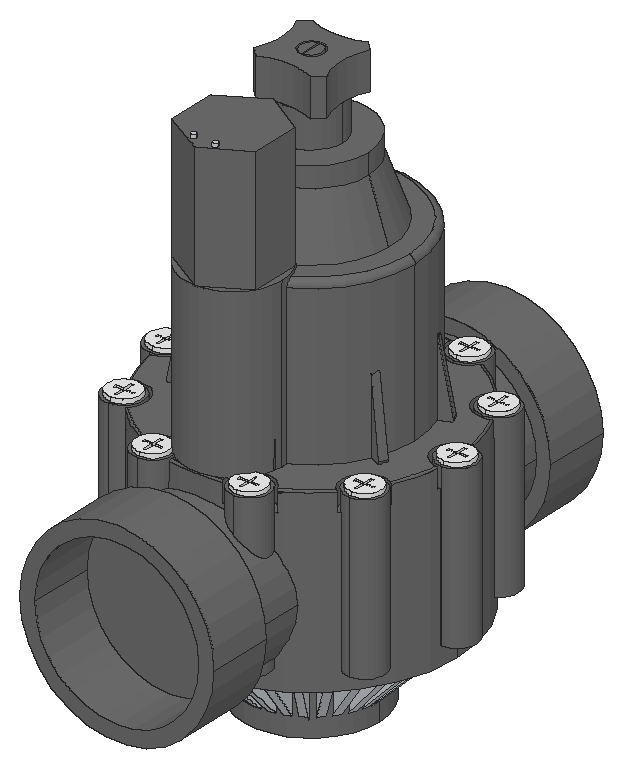
Revit family "Valve - PGA Series - 200PGA", category Acessórios do tubo, Revit 2020
Family settings
  Cota do conector redondo = Utilizar diâmetro
  Tipo de parte = Normal
  Número OmniClass = 23.60.30.11.14
  Título OmniClass = Pipework Fittings
  Com base no plano de trabalho = Não
  Sempre na vertical = Sim
  Corte com vazios quando carregada = Não
  Compartilhado = Não
Parameters (values of type "200-PGA")
  a [instance] = 1.27 cm
  URL = "https://www.rainbird.com/"
  SupportProjetos: Reviw Date = "10/11/2020"  # constant formula
  SupportProjetos: Reviw = "R01"  # constant formula
  SupportProjetos: Level of Detail = "LOD 300"  # constant formula
  SupportProjetos: Developed = "MICHEL SOARES MOTA"  # constant formula
  SupportProjetos: Creation Date = "26/08/2020"  # constant formula
  RainBird: Product Link = "https://www.rainbird.com/"
  RainBird: Description = "Valves - PGA Series - 200PGA"
  RainBird: Comment = ""
  RainBird: Code = "B30510"  # constant formula
  R3 [instance] = 3.81 cm
  R2 [instance] = 3.81 cm
  R1 [instance] = 5.08 cm
  Modelo = "200PGA"
  Material Parafuso = Aço cromado
  Material = PVC-U
  Elevação padrão = 0 cm
  Diametro corpo [instance] = 9 cm
  Diametro Tubo = 5.08 cm
  Det1 [instance] = 2 cm
  Descrição = RainBird: Description  # "Valves - PGA Series - 200PGA"
  Caminho croqui = 11 cm
  Anotação da Válvula = yes
Types (3, lengths in cm): name | RainBird: Description | Modelo | Descrição
  (no name) | "Valves - PGA Series - 200PGA" | "200PGA" | "Valves - PGA Series - 200PGA"
  200-PGA | "Valves - PGA Series - 200PGA" | "200PGA" | "Valves - PGA Series - 200PGA"
  200-PGA-PRS-D | "Valves - PGA Series - 200PGA-PRS-D" | "200PGA-PRS-D" | "Valves - PGA Series - 200PGA-PRS-D"
Reference planes (cm)
  plane 1 "Centro (Frente/Trás)": y = 0
  plane 2: z = 0
  plane 3 "Centro (Esquerda/Direita)": x = 0
  plane 4: through (0.0044, -0.0161, 120) normal (-0.9239, 0.3827, 0)
  plane 5: through (0.1011, 0.024, 120) normal (-0.3827, -0.9239, 0)
Forms (cm)
  Sweep 1, solid, material "PVC-U" <- "Material"
    path origin (0, 0, 0) x (1, 0, 0) y (0, 1, 0)
      loop
        circle (0, 0) r 4.5
    profile origin (0, 4.5, 0) x (0, -1, 0) y (0, 0, 1)
      loop
        line (0, -2.397) -> (2.3943, -3.1378) -> (2.3943, -5.0031) -> (2.595, -5.0031) -> (2.595, -3.1717) -> (3.2321, -3.1717) -> (3.2321, 9.3751) -> (4.0412, 9.3751) -> (4.0412, 11.7304) -> (3.5353, 11.7304) -> (3.5353, 10.6297) -> (2.7355, 10.6297) -> (2.7355, 10.0098) -> (2.0932, 8.2451) -> (1.5035, 8.2451)
        arc (1.5035, 8.2451) -> (1.3596, 8.1855) -> (1.3, 8.0416) r 0.2035
        line (1.3, 8.0416) -> (1.3, 3.1717) -> (0.0537, 3.1717)
        arc (0.0537, 3.1717) -> (0.0157, 3.156) -> (0, 3.118) r 0.0537
        line (0, 3.118) -> (0, -2.397)
  Extrusion 2, solid, material "PVC-U" <- "Material"
    sketch origin (0, 0, 0) x (0, 1, 0) y (-1, 0, 0)
      loop
        circle (0, 4.5) r 0.5971
      loop
        circle (-2.5824, 3.7228) r 0.5971
      loop
        circle (-4.2494, 1.4934) r 0.5971
      loop
        circle (0, -4.5) r 0.5971
      loop
        circle (-2.5824, -3.7228) r 0.5971
      loop
        circle (-4.2494, -1.4934) r 0.5971
      loop
        circle (2.5824, 3.7228) r 0.5971
      loop
        circle (4.2494, 1.4934) r 0.5971
      loop
        circle (2.5824, -3.7228) r 0.5971
      loop
        circle (4.2494, -1.4934) r 0.5971
    from -1.7848 to 3.1717
  Extrusion 3, void
    sketch origin (0, 20, 0) x (0, 1, 0) y (-1, 0, 0)
      loop
        circle (-24.2494, 1.4934) r 0.6982
      loop
        circle (-22.5824, 3.7228) r 0.6982
      loop
        circle (-20, 4.5) r 0.6982
      loop
        circle (-20, -4.5) r 0.6982
      loop
        circle (-24.2494, -1.4934) r 0.6982
      loop
        circle (-22.5824, -3.7228) r 0.6982
      loop
        circle (-15.7506, 1.4934) r 0.6982
      loop
        circle (-17.4176, 3.7228) r 0.6982
      loop
        circle (-15.7506, -1.4934) r 0.6982
      loop
        circle (-17.4176, -3.7228) r 0.6982
    from 2.5471 to 3.2579
  Extrusion 4, solid, material "Aço cromado" <- "Material Parafuso"
    sketch origin (0, 0, 0) x (0, 1, 0) y (-1, 0, 0)
      loop
        circle (-2.5824, 3.7228) r 0.5
      loop
        line (-2.6263, 3.7497) -> (-2.8869, 3.7497) -> (-2.8869, 3.6657) -> (-2.6263, 3.6657) -> (-2.6263, 3.4045) -> (-2.5481, 3.4045) -> (-2.5481, 3.6657) -> (-2.2903, 3.6657) -> (-2.2903, 3.7497) -> (-2.5481, 3.7497) -> (-2.5481, 3.9912) -> (-2.6263, 3.9912) -> (-2.6263, 3.7497)
      loop
        circle (-4.2494, 1.4934) r 0.5
      loop
        line (-4.2933, 1.5203) -> (-4.5539, 1.5203) -> (-4.5539, 1.4363) -> (-4.2933, 1.4363) -> (-4.2933, 1.1751) -> (-4.2151, 1.1751) -> (-4.2151, 1.4363) -> (-3.9574, 1.4363) -> (-3.9574, 1.5203) -> (-4.2151, 1.5203) -> (-4.2151, 1.7618) -> (-4.2933, 1.7618) -> (-4.2933, 1.5203)
      loop
        circle (0, 4.5) r 0.5
      loop
        line (-0.0439, 4.5268) -> (-0.3045, 4.5268) -> (-0.3045, 4.4429) -> (-0.0439, 4.4429) -> (-0.0439, 4.1817) -> (0.0343, 4.1817) -> (0.0343, 4.4429) -> (0.292, 4.4429) -> (0.292, 4.5268) -> (0.0343, 4.5268) -> (0.0343, 4.7683) -> (-0.0439, 4.7683) -> (-0.0439, 4.5268)
      loop
        circle (0, -4.5) r 0.5
      loop
        line (-0.0439, -4.4732) -> (-0.3045, -4.4732) -> (-0.3045, -4.5571) -> (-0.0439, -4.5571) -> (-0.0439, -4.8183) -> (0.0343, -4.8183) -> (0.0343, -4.5571) -> (0.292, -4.5571) -> (0.292, -4.4732) -> (0.0343, -4.4732) -> (0.0343, -4.2317) -> (-0.0439, -4.2317) -> (-0.0439, -4.4732)
      loop
        circle (-2.5824, -3.7228) r 0.5
      loop
        line (-2.6263, -3.7497) -> (-2.6263, -3.9912) -> (-2.5481, -3.9912) -> (-2.5481, -3.7497) -> (-2.2903, -3.7497) -> (-2.2903, -3.6657) -> (-2.5481, -3.6657) -> (-2.5481, -3.4045) -> (-2.6263, -3.4045) -> (-2.6263, -3.6657) -> (-2.8869, -3.6657) -> (-2.8869, -3.7497) -> (-2.6263, -3.7497)
      loop
        circle (-4.2494, -1.4934) r 0.5
      loop
        line (-4.2933, -1.5203) -> (-4.2933, -1.7618) -> (-4.2151, -1.7618) -> (-4.2151, -1.5203) -> (-3.9574, -1.5203) -> (-3.9574, -1.4363) -> (-4.2151, -1.4363) -> (-4.2151, -1.1751) -> (-4.2933, -1.1751) -> (-4.2933, -1.4363) -> (-4.5539, -1.4363) -> (-4.5539, -1.5203) -> (-4.2933, -1.5203)
      loop
        circle (2.5824, 3.7228) r 0.5
      loop
        line (2.6263, 3.7497) -> (2.6263, 3.9912) -> (2.5481, 3.9912) -> (2.5481, 3.7497) -> (2.2903, 3.7497) -> (2.2903, 3.6657) -> (2.5481, 3.6657) -> (2.5481, 3.4045) -> (2.6263, 3.4045) -> (2.6263, 3.6657) -> (2.8869, 3.6657) -> (2.8869, 3.7497) -> (2.6263, 3.7497)
      loop
        circle (4.2494, 1.4934) r 0.5
      loop
        line (4.2933, 1.5203) -> (4.2933, 1.7618) -> (4.2151, 1.7618) -> (4.2151, 1.5203) -> (3.9574, 1.5203) -> (3.9574, 1.4363) -> (4.2151, 1.4363) -> (4.2151, 1.1751) -> (4.2933, 1.1751) -> (4.2933, 1.4363) -> (4.5539, 1.4363) -> (4.5539, 1.5203) -> (4.2933, 1.5203)
      loop
        circle (2.5824, -3.7228) r 0.5
      loop
        line (2.6263, -3.7497) -> (2.8869, -3.7497) -> (2.8869, -3.6657) -> (2.6263, -3.6657) -> (2.6263, -3.4045) -> (2.5481, -3.4045) -> (2.5481, -3.6657) -> (2.2903, -3.6657) -> (2.2903, -3.7497) -> (2.5481, -3.7497) -> (2.5481, -3.9912) -> (2.6263, -3.9912) -> (2.6263, -3.7497)
      loop
        circle (4.2494, -1.4934) r 0.5
      loop
        line (4.2933, -1.5203) -> (4.5539, -1.5203) -> (4.5539, -1.4363) -> (4.2933, -1.4363) -> (4.2933, -1.1751) -> (4.2151, -1.1751) -> (4.2151, -1.4363) -> (3.9574, -1.4363) -> (3.9574, -1.5203) -> (4.2151, -1.5203) -> (4.2151, -1.7618) -> (4.2933, -1.7618) -> (4.2933, -1.5203)
    from 3.1717 to 3.2923
  Sweep 5, solid, material "PVC-U" <- "Material"
    path origin (0, 0, 0) x (1, 0, 0) y (0, 1, 0)
      loop
        line (0, -5.5) -> (0, 5.5)
    profile origin (0, 0, 0) x (-1, 0, 0) y (0, 0, 1)
      loop
        circle (0, 0) r 2.54
  Sweep 6, solid, material "PVC-U" <- "Material"
    path origin (0, 0, 0) x (1, 0, 0) y (0, 1, 0)
      loop
        line (0, 5.5) -> (0, 7.5)
    profile origin (0, 6.5, 0) x (-1, 0, 0) y (0, 0, 1)
      loop
        circle (0, 0) r 3
      loop
        circle (0, 0) r 2.54
  Sweep 7, solid, material "PVC-U" <- "Material"
    path origin (0, 0, 0) x (1, 0, 0) y (0, 1, 0)
      loop
        line (0, -5.5) -> (0, -7.5)
    profile origin (0, -6.5, 0) x (1, 0, 0) y (0, 0, 1)
      loop
        circle (0, 0) r 2.54
      loop
        circle (0, 0) r 3
  Extrusion 8, solid, material "PVC-U" <- "Material"
    sketch origin (0, 0, 0) x (1, 0, 0) y (0, 1, 0)
      loop
        circle (-1.2684, 1.1319) r 0.5
    from 8.2451 to 9.5639
  Extrusion 9, solid, material "PVC-U" <- "Material"
    sketch origin (0, 0, 0) x (1, 0, 0) y (0, 1, 0)
      loop
        circle (-1.2684, 1.1319) r 0.35
    from 9.5639 to 10.3898
  Extrusion 10, solid, material "PVC-U" <- "Material"
    sketch origin (0, 0, 0) x (1, 0, 0) y (0, 1, 0)
      loop
        circle (-1.2684, 1.1319) r 0.1348
      loop
        line (-1.5709, 1.5211) -> (-1.6659, 1.4261)
        arc (-1.6659, 1.4261) -> (-1.5973, 1.1326) -> (-1.6637, 0.8386) r 0.673
        line (-1.6637, 0.8386) -> (-1.5688, 0.7436)
        arc (-1.5688, 0.7436) -> (-1.2712, 0.8132) -> (-0.9736, 0.7436) r 0.6718
        line (-0.9736, 0.7436) -> (-0.8778, 0.8394)
        arc (-0.8778, 0.8394) -> (-0.9436, 1.1315) -> (-0.8786, 1.4239) r 0.686
        line (-0.8786, 1.4239) -> (-0.9762, 1.5215)
        arc (-0.9762, 1.5215) -> (-1.2735, 1.4534) -> (-1.5709, 1.5211) r 0.6846
    from 10.3898 to 10.6297
  Extrusion 11, solid, material "PVC-U" <- "Material"
    sketch origin (1.2875, -1.1319, 0) x (1, 0, 0) y (0, 1, 0)
      loop
        circle (-1.2684, 1.1319) r 0.3851
      loop
        line (-2.1324, 2.2437) -> (-2.4038, 1.9724)
        arc (-2.4038, 1.9724) -> (-2.2079, 1.134) -> (-2.3976, 0.2941) r 1.9225
        line (-2.3976, 0.2941) -> (-2.1264, 0.0229)
        arc (-2.1264, 0.0229) -> (-1.2763, 0.2215) -> (-0.4262, 0.0229) r 1.9189
        line (-0.4262, 0.0229) -> (-0.1528, 0.2963)
        arc (-0.1528, 0.2963) -> (-0.3407, 1.131) -> (-0.1551, 1.9661) r 1.9594
        line (-0.1551, 1.9661) -> (-0.4338, 2.2448)
        arc (-0.4338, 2.2448) -> (-1.283, 2.0502) -> (-2.1324, 2.2437) r 1.9556
      loop
        arc (-1.3071, 1.4648) -> (-1.6036, 1.1319) -> (-1.3071, 0.799) r 0.3351
        line (-1.3071, 0.799) -> (-1.3071, 1.4648)
      loop
        line (-1.2684, 1.467) -> (-1.2684, 0.7967)
        arc (-1.2684, 0.7967) -> (-0.9581, 1.1319) -> (-1.2684, 1.467) r 0.3361
    from 11.7304 to 12.8881
  Extrusion 12, solid, material "PVC-U" <- "Material"
    sketch origin (0, 0, 0) x (1, 0, 0) y (0, 1, 0)
      loop
        circle (0, 0) r 0.7379
    from 8.3753 to 11.7304
  Extrusion 13, solid, material "PVC-U" <- "Material"
    sketch origin (0, 0, 0) x (1, 0, 0) y (0, 1, 0)
      loop
        circle (0, -3) r 0.6406
    from 1.7812 to 3.1717
  Extrusion 14, solid, material "PVC-U" <- "Material"
    sketch origin (0, 0, 0) x (1, 0, 0) y (0, 1, 0)
      loop
        circle (0, -3) r 1.5
    from 3.1717 to 8.3126
  Extrusion 15, solid, material "PVC-U" <- "Material"
    sketch origin (0, 0, 0) x (1, 0, 0) y (0, 1, 0)
      loop
        line (0, -4.5) -> (1.299, -3.75) -> (1.299, -2.25) -> (0, -1.5) -> (-1.299, -2.25) -> (-1.299, -3.75) -> (0, -4.5)
    from 8.3126 to 12.15
  Extrusion 16, solid, material "PVC-U" <- "Material"
    sketch origin (0, 0, 0) x (1, 0, 0) y (0, 1, 0)
      loop
        arc (1.5, -3) -> (0, -1.5) -> (-1.5, -3) r 1.5
        line (-1.5, -3) -> (1.5, -3)
    from 1.7812 to 3.1717
  Extrusion 17, solid
    sketch origin (0, 0, 0) x (1, 0, 0) y (0, 1, 0)
      loop
        circle (-0.329, -4.1208) r 0.0806
      loop
        circle (0.3553, -4.1386) r 0.0824
    from 12.15 to 12.2333
  Extrusion 18, solid
    sketch origin (0, 0, 0) x (1, 0, 0) y (0, 0, 1)
      loop
        line (1.9181, -3.1958) -> (1.9181, -4.5933) -> (3.9417, -2.5697) -> (1.9181, -3.1958)
    from -0.114 to 0.114
  Extrusion 19, solid
    sketch origin (0, 0, 0) x (0.980785, -0.19509, 0) y (0, 0, 1)
      loop
        line (1.9181, -3.1958) -> (1.9181, -4.5933) -> (3.9417, -2.5697) -> (1.9181, -3.1958)
    from -0.114 to 0.114
  Extrusion 20, solid
    sketch origin (0, 0, 0) x (0.92388, -0.382683, 0) y (0, 0, 1)
      loop
        line (1.9181, -3.1958) -> (1.9181, -4.5933) -> (3.9417, -2.5697) -> (1.9181, -3.1958)
    from -0.114 to 0.114
  Extrusion 21, solid
    sketch origin (0, 0, 0) x (0.83147, -0.55557, 0) y (0, 0, 1)
      loop
        line (1.9181, -3.1958) -> (1.9181, -4.5933) -> (3.9417, -2.5697) -> (1.9181, -3.1958)
    from -0.114 to 0.114
  Extrusion 22, solid
    sketch origin (0, 0, 0) x (0.707107, -0.707107, 0) y (0, 0, 1)
      loop
        line (1.9181, -3.1958) -> (1.9181, -4.5933) -> (3.9417, -2.5697) -> (1.9181, -3.1958)
    from -0.114 to 0.114
  Extrusion 23, solid
    sketch origin (0, 0, 0) x (0.55557, -0.83147, 0) y (0, 0, 1)
      loop
        line (1.9181, -3.1958) -> (1.9181, -4.5933) -> (3.9417, -2.5697) -> (1.9181, -3.1958)
    from -0.114 to 0.114
  Extrusion 24, solid
    sketch origin (0, 0, 0) x (0.382683, -0.92388, 0) y (0, 0, 1)
      loop
        line (1.9181, -3.1958) -> (1.9181, -4.5933) -> (3.9417, -2.5697) -> (1.9181, -3.1958)
    from -0.114 to 0.114
  Extrusion 25, solid
    sketch origin (0, 0, 0) x (0.19509, -0.980785, 0) y (0, 0, 1)
      loop
        line (1.9181, -3.1958) -> (1.9181, -4.5933) -> (3.9417, -2.5697) -> (1.9181, -3.1958)
    from -0.114 to 0.114
  Extrusion 26, solid
    sketch origin (0, 0, 0) x (0, -1, 0) y (0, 0, 1)
      loop
        line (1.9181, -3.1958) -> (1.9181, -4.5933) -> (3.9417, -2.5697) -> (1.9181, -3.1958)
    from -0.114 to 0.114
  Extrusion 27, solid
    sketch origin (0, 0, 0) x (-0.19509, -0.980785, 0) y (0, 0, 1)
      loop
        line (1.9181, -3.1958) -> (1.9181, -4.5933) -> (3.9417, -2.5697) -> (1.9181, -3.1958)
    from -0.114 to 0.114
  Extrusion 28, solid
    sketch origin (0, 0, 0) x (-0.382683, -0.92388, 0) y (0, 0, 1)
      loop
        line (1.9181, -3.1958) -> (1.9181, -4.5933) -> (3.9417, -2.5697) -> (1.9181, -3.1958)
    from -0.114 to 0.114
  Extrusion 29, solid
    sketch origin (0, 0, 0) x (-0.55557, -0.83147, 0) y (0, 0, 1)
      loop
        line (1.9181, -3.1958) -> (1.9181, -4.5933) -> (3.9417, -2.5697) -> (1.9181, -3.1958)
    from -0.114 to 0.114
  Extrusion 30, solid
    sketch origin (0, 0, 0) x (-0.707107, -0.707107, 0) y (0, 0, 1)
      loop
        line (1.9181, -3.1958) -> (1.9181, -4.5933) -> (3.9417, -2.5697) -> (1.9181, -3.1958)
    from -0.114 to 0.114
  Extrusion 31, solid
    sketch origin (0, 0, 0) x (-0.83147, -0.55557, 0) y (0, 0, 1)
      loop
        line (1.9181, -3.1958) -> (1.9181, -4.5933) -> (3.9417, -2.5697) -> (1.9181, -3.1958)
    from -0.114 to 0.114
  Extrusion 32, solid
    sketch origin (0, 0, 0) x (-0.92388, -0.382683, 0) y (0, 0, 1)
      loop
        line (1.9181, -3.1958) -> (1.9181, -4.5933) -> (3.9417, -2.5697) -> (1.9181, -3.1958)
    from -0.114 to 0.114
  Extrusion 33, solid
    sketch origin (0, 0, 0) x (-0.980785, -0.19509, 0) y (0, 0, 1)
      loop
        line (1.9181, -3.1958) -> (1.9181, -4.5933) -> (3.9417, -2.5697) -> (1.9181, -3.1958)
    from -0.114 to 0.114
  Extrusion 34, solid
    sketch origin (0, 0, 0) x (-1, 0, 0) y (0, 0, -1)
      loop
        line (1.9181, 3.1958) -> (3.9417, 2.5697) -> (1.9181, 4.5933) -> (1.9181, 3.1958)
    from -0.114 to 0.114
  Extrusion 35, solid
    sketch origin (0, 0, 0) x (0.980785, 0.19509, 0) y (0, 0, -1)
      loop
        line (1.9181, 3.1958) -> (3.9417, 2.5697) -> (1.9181, 4.5933) -> (1.9181, 3.1958)
    from -0.114 to 0.114
  Extrusion 36, solid
    sketch origin (0, 0, 0) x (0.92388, 0.382683, 0) y (0, 0, -1)
      loop
        line (1.9181, 3.1958) -> (3.9417, 2.5697) -> (1.9181, 4.5933) -> (1.9181, 3.1958)
    from -0.114 to 0.114
  Extrusion 37, solid
    sketch origin (0, 0, 0) x (0.83147, 0.55557, 0) y (0, 0, -1)
      loop
        line (1.9181, 3.1958) -> (3.9417, 2.5697) -> (1.9181, 4.5933) -> (1.9181, 3.1958)
    from -0.114 to 0.114
  Extrusion 38, solid
    sketch origin (0, 0, 0) x (0.707107, 0.707107, 0) y (0, 0, -1)
      loop
        line (1.9181, 3.1958) -> (3.9417, 2.5697) -> (1.9181, 4.5933) -> (1.9181, 3.1958)
    from -0.114 to 0.114
  Extrusion 39, solid
    sketch origin (0, 0, 0) x (0.55557, 0.83147, 0) y (0, 0, -1)
      loop
        line (1.9181, 3.1958) -> (3.9417, 2.5697) -> (1.9181, 4.5933) -> (1.9181, 3.1958)
    from -0.114 to 0.114
  Extrusion 40, solid
    sketch origin (0, 0, 0) x (0.382683, 0.92388, 0) y (0, 0, -1)
      loop
        line (1.9181, 3.1958) -> (3.9417, 2.5697) -> (1.9181, 4.5933) -> (1.9181, 3.1958)
    from -0.114 to 0.114
  Extrusion 41, solid
    sketch origin (0, 0, 0) x (0.19509, 0.980785, 0) y (0, 0, -1)
      loop
        line (1.9181, 3.1958) -> (3.9417, 2.5697) -> (1.9181, 4.5933) -> (1.9181, 3.1958)
    from -0.114 to 0.114
  Extrusion 42, solid
    sketch origin (0, 0, 0) x (0, 1, 0) y (0, 0, -1)
      loop
        line (1.9181, 3.1958) -> (3.9417, 2.5697) -> (1.9181, 4.5933) -> (1.9181, 3.1958)
    from -0.114 to 0.114
  Extrusion 43, solid
    sketch origin (0, 0, 0) x (-0.19509, 0.980785, 0) y (0, 0, -1)
      loop
        line (1.9181, 3.1958) -> (3.9417, 2.5697) -> (1.9181, 4.5933) -> (1.9181, 3.1958)
    from -0.114 to 0.114
  Extrusion 44, solid
    sketch origin (0, 0, 0) x (-0.382683, 0.92388, 0) y (0, 0, -1)
      loop
        line (1.9181, 3.1958) -> (3.9417, 2.5697) -> (1.9181, 4.5933) -> (1.9181, 3.1958)
    from -0.114 to 0.114
  Extrusion 45, solid
    sketch origin (0, 0, 0) x (-0.55557, 0.83147, 0) y (0, 0, -1)
      loop
        line (1.9181, 3.1958) -> (3.9417, 2.5697) -> (1.9181, 4.5933) -> (1.9181, 3.1958)
    from -0.114 to 0.114
  Extrusion 46, solid
    sketch origin (0, 0, 0) x (-0.707107, 0.707107, 0) y (0, 0, -1)
      loop
        line (1.9181, 3.1958) -> (3.9417, 2.5697) -> (1.9181, 4.5933) -> (1.9181, 3.1958)
    from -0.114 to 0.114
  Extrusion 47, solid
    sketch origin (0, 0, 0) x (-0.83147, 0.55557, 0) y (0, 0, -1)
      loop
        line (1.9181, 3.1958) -> (3.9417, 2.5697) -> (1.9181, 4.5933) -> (1.9181, 3.1958)
    from -0.114 to 0.114
  Extrusion 48, solid
    sketch origin (0, 0, 0) x (-0.92388, 0.382683, 0) y (0, 0, -1)
      loop
        line (1.9181, 3.1958) -> (3.9417, 2.5697) -> (1.9181, 4.5933) -> (1.9181, 3.1958)
    from -0.114 to 0.114
  Extrusion 49, solid
    sketch origin (0, 0, 0) x (-0.980785, 0.19509, 0) y (0, 0, -1)
      loop
        line (1.9181, 3.1958) -> (3.9417, 2.5697) -> (1.9181, 4.5933) -> (1.9181, 3.1958)
    from -0.114 to 0.114
  Extrusion 50, solid, material "PVC-U" <- "Material"
    sketch origin (0, 0, 0) x (0.382683, 0.92388, 0) y (0, 0, 1)
      loop
        arc (1.8553, 7.8657) -> (1.8004, 7.8881) -> (1.7645, 7.841) r 0.0488
        line (1.7645, 7.841) -> (1.7645, 7.6545) -> (2.4068, 5.8899) -> (3.1225, 3.1717) -> (3.535, 3.1717)
        arc (3.535, 3.1717) -> (3.591, 3.198) -> (3.6067, 3.2577) r 0.0729
        line (3.6067, 3.2577) -> (3.1729, 5.6256) -> (1.8553, 7.8657)
    from -0.114 to 0.114
  Extrusion 51, solid, material "PVC-U" <- "Material"
    sketch origin (0, 0, 0) x (-0.382683, 0.92388, 0) y (0, 0, -1)
      loop
        line (1.8553, -7.8657) -> (3.1729, -5.6256) -> (3.6067, -3.2577)
        arc (3.6067, -3.2577) -> (3.591, -3.198) -> (3.535, -3.1717) r 0.0729
        line (3.535, -3.1717) -> (3.1225, -3.1717) -> (2.4068, -5.8899) -> (1.7645, -7.6545) -> (1.7645, -7.841)
        arc (1.7645, -7.841) -> (1.8004, -7.8881) -> (1.8553, -7.8657) r 0.0488
    from -0.114 to 0.114
  Extrusion 52, solid, material "PVC-U" <- "Material"
    sketch origin (0, 0, 0) x (0.92388, 0.382683, 0) y (0, 0, -1)
      loop
        line (1.8553, -7.8657) -> (3.1729, -5.6256) -> (3.6067, -3.2577)
        arc (3.6067, -3.2577) -> (3.591, -3.198) -> (3.535, -3.1717) r 0.0729
        line (3.535, -3.1717) -> (3.1225, -3.1717) -> (2.4068, -5.8899) -> (1.7645, -7.6545) -> (1.7645, -7.841)
        arc (1.7645, -7.841) -> (1.8004, -7.8881) -> (1.8553, -7.8657) r 0.0488
    from -0.114 to 0.114
  Extrusion 53, solid, material "PVC-U" <- "Material"
    sketch origin (0, 0, 0) x (-0.92388, 0.382683, 0) y (0, 0, 1)
      loop
        arc (1.8553, 7.8657) -> (1.8004, 7.8881) -> (1.7645, 7.841) r 0.0488
        line (1.7645, 7.841) -> (1.7645, 7.6545) -> (2.4068, 5.8899) -> (3.1225, 3.1717) -> (3.535, 3.1717)
        arc (3.535, 3.1717) -> (3.591, 3.198) -> (3.6067, 3.2577) r 0.0729
        line (3.6067, 3.2577) -> (3.1729, 5.6256) -> (1.8553, 7.8657)
    from -0.114 to 0.114
  Extrusion 54, solid, material "PVC-U" <- "Material"
    sketch origin (0, 0, 0) x (0.382683, -0.92388, 0) y (0, 0, -1)
      loop
        line (1.8553, -7.8657) -> (3.1729, -5.6256) -> (3.6067, -3.2577)
        arc (3.6067, -3.2577) -> (3.591, -3.198) -> (3.535, -3.1717) r 0.0729
        line (3.535, -3.1717) -> (3.1225, -3.1717) -> (2.4068, -5.8899) -> (1.7645, -7.6545) -> (1.7645, -7.841)
        arc (1.7645, -7.841) -> (1.8004, -7.8881) -> (1.8553, -7.8657) r 0.0488
    from -0.114 to 0.114
  Extrusion 55, solid, material "PVC-U" <- "Material"
    sketch origin (0, 0, 0) x (-0.382683, -0.92388, 0) y (0, 0, 1)
      loop
        arc (1.8553, 7.8657) -> (1.8004, 7.8881) -> (1.7645, 7.841) r 0.0488
        line (1.7645, 7.841) -> (1.7645, 7.6545) -> (2.4068, 5.8899) -> (3.1225, 3.1717) -> (3.535, 3.1717)
        arc (3.535, 3.1717) -> (3.591, 3.198) -> (3.6067, 3.2577) r 0.0729
        line (3.6067, 3.2577) -> (3.1729, 5.6256) -> (1.8553, 7.8657)
    from -0.114 to 0.114
  Extrusion 56, solid, material "PVC-U" <- "Material"
    sketch origin (0, 0, 0) x (0.92388, -0.382683, 0) y (0, 0, 1)
      loop
        arc (1.8553, 7.8657) -> (1.8004, 7.8881) -> (1.7645, 7.841) r 0.0488
        line (1.7645, 7.841) -> (1.7645, 7.6545) -> (2.4068, 5.8899) -> (3.1225, 3.1717) -> (3.535, 3.1717)
        arc (3.535, 3.1717) -> (3.591, 3.198) -> (3.6067, 3.2577) r 0.0729
        line (3.6067, 3.2577) -> (3.1729, 5.6256) -> (1.8553, 7.8657)
    from -0.114 to 0.114
  Extrusion 57, solid, material "PVC-U" <- "Material"
    sketch origin (0, 0, 0) x (-0.92388, -0.382683, 0) y (0, 0, -1)
      loop
        line (1.8553, -7.8657) -> (3.1729, -5.6256) -> (3.6067, -3.2577)
        arc (3.6067, -3.2577) -> (3.591, -3.198) -> (3.535, -3.1717) r 0.0729
        line (3.535, -3.1717) -> (3.1225, -3.1717) -> (2.4068, -5.8899) -> (1.7645, -7.6545) -> (1.7645, -7.841)
        arc (1.7645, -7.841) -> (1.8004, -7.8881) -> (1.8553, -7.8657) r 0.0488
    from -0.114 to 0.114
Cuts and joins
  Extrusion 3 cuts Sweep 1
  joined: Extrusion 14, Extrusion 15, Extrusion 16
Lines and regions (cm)
  model lines, visible <- "Anotação da Válvula"
    curve 1: line (0, 0, 0) -> (-32, 0, 0)
Dimensions and locks (cm)
  "Caminho croqui": Sweep 5 sketch curve to Sweep 5 sketch curve
  equal spacing: Sweep 5 sketch curve, plane 1 "Centro (Frente/Trás)", Sweep 5 sketch curve
  "Det1": Sweep 6 sketch curve to Sweep 6 sketch curve
  "Det1": Sweep 7 sketch curve to Sweep 7 sketch curve
  equal spacing: Extrusion 18, plane 1 "Centro (Frente/Trás)", Extrusion 18
  Extrusion 20 to Extrusion 20 = 0.228 cm
  Extrusion 22 to Extrusion 22 = 0.228 cm
  Extrusion 26 to Extrusion 26 = 0.228 cm
  Extrusion 34 to Extrusion 34 = 0.228 cm
  plane 1 "Centro (Frente/Trás)" to Sweep 1 sketch curve = 1.905 cm
  "Diametro corpo": diameter of Sweep 1 sketch curve
  "Diametro Tubo": diameter of Sweep 5 sketch curve
  aligned and locked: level to plane 2
  aligned and locked: Sweep 5 to Sweep 6 sketch curve
  aligned and locked: Sweep 5 to Sweep 7 sketch curve
  aligned and locked: Extrusion 10 to Extrusion 9
  aligned and locked: Extrusion 11 to Extrusion 12
  aligned and locked: Extrusion 14 to Extrusion 13
  aligned and locked: Extrusion 15 to Extrusion 14
  aligned and locked: Extrusion 16 sketch curve to Extrusion 14
  aligned and locked: Extrusion 16 to Extrusion 13  (x2)
  aligned and locked: Extrusion 17 to cut or joined group of Extrusion 14, Extrusion 15, Extrusion 16
Automatic sketch dimensions
  plane 3 "Centro (Esquerda/Direita)" to Extrusion 18 sketch curve = 1.9181 cm
  Extrusion 18 sketch curve to Extrusion 18 sketch curve = 2.0236 cm
  Extrusion 18 sketch curve to level = 4.5933 cm
  Extrusion 18 sketch curve to Extrusion 18 sketch curve = 1.3975 cm
  Extrusion 18 sketch curve to Extrusion 18 sketch curve = 0.6261 cm
  Extrusion 19 sketch curve to Extrusion 19 sketch curve = 2.0236 cm
  Extrusion 19 sketch curve to level = 4.5933 cm
  Extrusion 19 sketch curve to Extrusion 19 sketch curve = 1.3975 cm
  Extrusion 19 sketch curve to Extrusion 19 sketch curve = 0.6261 cm
  Extrusion 20 sketch curve to Extrusion 20 sketch curve = 2.0236 cm
  Extrusion 20 sketch curve to level = 4.5933 cm
  Extrusion 20 sketch curve to Extrusion 20 sketch curve = 1.3975 cm
  Extrusion 20 sketch curve to Extrusion 20 sketch curve = 0.6261 cm
  Extrusion 21 sketch curve to Extrusion 21 sketch curve = 2.0236 cm
  Extrusion 21 sketch curve to level = 4.5933 cm
  Extrusion 21 sketch curve to Extrusion 21 sketch curve = 1.3975 cm
  Extrusion 21 sketch curve to Extrusion 21 sketch curve = 0.6261 cm
  Extrusion 22 sketch curve to Extrusion 22 sketch curve = 2.0236 cm
  Extrusion 22 sketch curve to level = 4.5933 cm
  Extrusion 22 sketch curve to Extrusion 22 sketch curve = 1.3975 cm
  Extrusion 22 sketch curve to Extrusion 22 sketch curve = 0.6261 cm
  Extrusion 23 sketch curve to Extrusion 23 sketch curve = 2.0236 cm
  Extrusion 23 sketch curve to level = 4.5933 cm
  Extrusion 23 sketch curve to Extrusion 23 sketch curve = 1.3975 cm
  Extrusion 23 sketch curve to Extrusion 23 sketch curve = 0.6261 cm
  Extrusion 24 sketch curve to Extrusion 24 sketch curve = 2.0236 cm
  Extrusion 24 sketch curve to level = 4.5933 cm
  Extrusion 24 sketch curve to Extrusion 24 sketch curve = 1.3975 cm
  Extrusion 24 sketch curve to Extrusion 24 sketch curve = 0.6261 cm
  Extrusion 25 sketch curve to Extrusion 25 sketch curve = 2.0236 cm
  Extrusion 25 sketch curve to level = 4.5933 cm
  Extrusion 25 sketch curve to Extrusion 25 sketch curve = 1.3975 cm
  Extrusion 25 sketch curve to Extrusion 25 sketch curve = 0.6261 cm
  Extrusion 27 sketch curve to Extrusion 27 sketch curve = 2.0236 cm
  Extrusion 27 sketch curve to level = 4.5933 cm
  Extrusion 27 sketch curve to Extrusion 27 sketch curve = 1.3975 cm
  Extrusion 27 sketch curve to Extrusion 27 sketch curve = 0.6261 cm
  Extrusion 28 sketch curve to Extrusion 28 sketch curve = 2.0236 cm
  Extrusion 28 sketch curve to level = 4.5933 cm
  Extrusion 28 sketch curve to Extrusion 28 sketch curve = 1.3975 cm
  Extrusion 28 sketch curve to Extrusion 28 sketch curve = 0.6261 cm
  Extrusion 29 sketch curve to Extrusion 29 sketch curve = 2.0236 cm
  Extrusion 29 sketch curve to level = 4.5933 cm
  Extrusion 29 sketch curve to Extrusion 29 sketch curve = 1.3975 cm
  Extrusion 29 sketch curve to Extrusion 29 sketch curve = 0.6261 cm
  Extrusion 30 sketch curve to Extrusion 30 sketch curve = 2.0236 cm
  Extrusion 30 sketch curve to level = 4.5933 cm
  Extrusion 30 sketch curve to Extrusion 30 sketch curve = 1.3975 cm
  Extrusion 30 sketch curve to Extrusion 30 sketch curve = 0.6261 cm
  Extrusion 31 sketch curve to Extrusion 31 sketch curve = 2.0236 cm
  Extrusion 31 sketch curve to level = 4.5933 cm
  Extrusion 31 sketch curve to Extrusion 31 sketch curve = 1.3975 cm
  Extrusion 31 sketch curve to Extrusion 31 sketch curve = 0.6261 cm
  Extrusion 32 sketch curve to Extrusion 32 sketch curve = 2.0236 cm
  Extrusion 32 sketch curve to level = 4.5933 cm
  Extrusion 32 sketch curve to Extrusion 32 sketch curve = 1.3975 cm
  Extrusion 32 sketch curve to Extrusion 32 sketch curve = 0.6261 cm
  Extrusion 33 sketch curve to Extrusion 33 sketch curve = 2.0236 cm
  Extrusion 33 sketch curve to level = 4.5933 cm
  Extrusion 33 sketch curve to Extrusion 33 sketch curve = 1.3975 cm
  Extrusion 33 sketch curve to Extrusion 33 sketch curve = 0.6261 cm
  plane 3 "Centro (Esquerda/Direita)" to Extrusion 34 sketch curve = 1.9181 cm
  Extrusion 34 sketch curve to Extrusion 34 sketch curve = 2.0236 cm
  level to Extrusion 34 sketch curve = 4.5933 cm
  Extrusion 34 sketch curve to Extrusion 34 sketch curve = 1.3975 cm
  Extrusion 34 sketch curve to Extrusion 34 sketch curve = 0.6261 cm
  Extrusion 35 sketch curve to Extrusion 35 sketch curve = 2.0236 cm
  Extrusion 35 sketch curve to level = 2.5697 cm
  Extrusion 35 sketch curve to Extrusion 35 sketch curve = 0.6261 cm
  Extrusion 35 sketch curve to Extrusion 35 sketch curve = 1.3975 cm
  Extrusion 36 sketch curve to Extrusion 36 sketch curve = 2.0236 cm
  Extrusion 36 sketch curve to level = 2.5697 cm
  Extrusion 36 sketch curve to Extrusion 36 sketch curve = 0.6261 cm
  Extrusion 36 sketch curve to Extrusion 36 sketch curve = 1.3975 cm
  Extrusion 37 sketch curve to Extrusion 37 sketch curve = 2.0236 cm
  Extrusion 37 sketch curve to level = 2.5697 cm
  Extrusion 37 sketch curve to Extrusion 37 sketch curve = 0.6261 cm
  Extrusion 37 sketch curve to Extrusion 37 sketch curve = 1.3975 cm
  Extrusion 38 sketch curve to Extrusion 38 sketch curve = 2.0236 cm
  Extrusion 38 sketch curve to level = 2.5697 cm
  Extrusion 38 sketch curve to Extrusion 38 sketch curve = 0.6261 cm
  Extrusion 38 sketch curve to Extrusion 38 sketch curve = 1.3975 cm
  Extrusion 39 sketch curve to Extrusion 39 sketch curve = 2.0236 cm
  Extrusion 39 sketch curve to level = 2.5697 cm
  Extrusion 39 sketch curve to Extrusion 39 sketch curve = 0.6261 cm
  Extrusion 39 sketch curve to Extrusion 39 sketch curve = 1.3975 cm
  Extrusion 40 sketch curve to Extrusion 40 sketch curve = 2.0236 cm
  Extrusion 40 sketch curve to level = 2.5697 cm
  Extrusion 40 sketch curve to Extrusion 40 sketch curve = 0.6261 cm
  Extrusion 40 sketch curve to Extrusion 40 sketch curve = 1.3975 cm
  Extrusion 41 sketch curve to Extrusion 41 sketch curve = 2.0236 cm
  Extrusion 41 sketch curve to level = 2.5697 cm
  Extrusion 41 sketch curve to Extrusion 41 sketch curve = 0.6261 cm
  Extrusion 41 sketch curve to Extrusion 41 sketch curve = 1.3975 cm
  Extrusion 43 sketch curve to Extrusion 43 sketch curve = 2.0236 cm
  Extrusion 43 sketch curve to level = 2.5697 cm
  Extrusion 43 sketch curve to Extrusion 43 sketch curve = 0.6261 cm
  Extrusion 43 sketch curve to Extrusion 43 sketch curve = 1.3975 cm
  Extrusion 44 sketch curve to Extrusion 44 sketch curve = 2.0236 cm
  Extrusion 44 sketch curve to level = 2.5697 cm
  Extrusion 44 sketch curve to Extrusion 44 sketch curve = 0.6261 cm
  Extrusion 44 sketch curve to Extrusion 44 sketch curve = 1.3975 cm
  Extrusion 45 sketch curve to Extrusion 45 sketch curve = 2.0236 cm
  Extrusion 45 sketch curve to level = 2.5697 cm
  Extrusion 45 sketch curve to Extrusion 45 sketch curve = 0.6261 cm
  Extrusion 45 sketch curve to Extrusion 45 sketch curve = 1.3975 cm
  Extrusion 46 sketch curve to Extrusion 46 sketch curve = 2.0236 cm
  Extrusion 46 sketch curve to level = 2.5697 cm
  Extrusion 46 sketch curve to Extrusion 46 sketch curve = 0.6261 cm
  Extrusion 46 sketch curve to Extrusion 46 sketch curve = 1.3975 cm
  Extrusion 47 sketch curve to Extrusion 47 sketch curve = 2.0236 cm
  Extrusion 47 sketch curve to level = 2.5697 cm
  Extrusion 47 sketch curve to Extrusion 47 sketch curve = 0.6261 cm
  Extrusion 47 sketch curve to Extrusion 47 sketch curve = 1.3975 cm
  Extrusion 48 sketch curve to Extrusion 48 sketch curve = 2.0236 cm
  Extrusion 48 sketch curve to level = 2.5697 cm
  Extrusion 48 sketch curve to Extrusion 48 sketch curve = 0.6261 cm
  Extrusion 48 sketch curve to Extrusion 48 sketch curve = 1.3975 cm
  Extrusion 49 sketch curve to Extrusion 49 sketch curve = 2.0236 cm
  Extrusion 49 sketch curve to level = 2.5697 cm
  Extrusion 49 sketch curve to Extrusion 49 sketch curve = 0.6261 cm
  Extrusion 49 sketch curve to Extrusion 49 sketch curve = 1.3975 cm
  Extrusion 50 sketch curve to Extrusion 50 sketch curve = 0.0488 cm
  Extrusion 50 sketch curve to Extrusion 50 sketch curve = 0.042 cm
  Extrusion 50 sketch curve to Extrusion 50 sketch curve = 0.6423 cm
  Extrusion 50 sketch curve to Extrusion 50 sketch curve = 0.7157 cm
  Extrusion 50 sketch curve to Extrusion 50 sketch curve = 0.7661 cm
  Extrusion 50 sketch curve to Extrusion 50 sketch curve = 0.4126 cm
  Extrusion 50 sketch curve to Extrusion 50 sketch curve = 0.0717 cm
  level to Extrusion 50 sketch curve = 3.1717 cm
  Extrusion 50 sketch curve to Extrusion 50 sketch curve = 0.0729 cm
  Extrusion 50 sketch curve to Extrusion 50 sketch curve = 2.3679 cm
  Extrusion 50 sketch curve to Extrusion 50 sketch curve = 0.2642 cm
  Extrusion 50 sketch curve to Extrusion 50 sketch curve = 1.7647 cm
  Extrusion 50 sketch curve to Extrusion 50 sketch curve = 0.1865 cm
  Extrusion 51 sketch curve to Extrusion 51 sketch curve = 0.0488 cm
  Extrusion 51 sketch curve to Extrusion 51 sketch curve = 0.042 cm
  Extrusion 51 sketch curve to Extrusion 51 sketch curve = 0.6423 cm
  Extrusion 51 sketch curve to Extrusion 51 sketch curve = 0.7157 cm
  Extrusion 51 sketch curve to Extrusion 51 sketch curve = 0.7661 cm
  Extrusion 51 sketch curve to Extrusion 51 sketch curve = 0.4126 cm
  Extrusion 51 sketch curve to Extrusion 51 sketch curve = 0.0717 cm
  level to Extrusion 51 sketch curve = 7.8657 cm
  Extrusion 51 sketch curve to Extrusion 51 sketch curve = 0.1865 cm
  Extrusion 51 sketch curve to Extrusion 51 sketch curve = 1.7647 cm
  Extrusion 51 sketch curve to Extrusion 51 sketch curve = 0.2642 cm
  Extrusion 51 sketch curve to Extrusion 51 sketch curve = 2.3679 cm
  Extrusion 51 sketch curve to Extrusion 51 sketch curve = 0.0131 cm
  Extrusion 52 sketch curve to Extrusion 52 sketch curve = 0.0488 cm
  Extrusion 52 sketch curve to Extrusion 52 sketch curve = 0.042 cm
  Extrusion 52 sketch curve to Extrusion 52 sketch curve = 0.6423 cm
  Extrusion 52 sketch curve to Extrusion 52 sketch curve = 0.7157 cm
  Extrusion 52 sketch curve to Extrusion 52 sketch curve = 0.7661 cm
  Extrusion 52 sketch curve to Extrusion 52 sketch curve = 0.4126 cm
  Extrusion 52 sketch curve to Extrusion 52 sketch curve = 0.0717 cm
  level to Extrusion 52 sketch curve = 7.8657 cm
  Extrusion 52 sketch curve to Extrusion 52 sketch curve = 0.1865 cm
  Extrusion 52 sketch curve to Extrusion 52 sketch curve = 1.7647 cm
  Extrusion 52 sketch curve to Extrusion 52 sketch curve = 0.2642 cm
  Extrusion 52 sketch curve to Extrusion 52 sketch curve = 2.3679 cm
  Extrusion 52 sketch curve to Extrusion 52 sketch curve = 0.0131 cm
  Extrusion 53 sketch curve to Extrusion 53 sketch curve = 0.0488 cm
  Extrusion 53 sketch curve to Extrusion 53 sketch curve = 0.042 cm
  Extrusion 53 sketch curve to Extrusion 53 sketch curve = 0.6423 cm
  Extrusion 53 sketch curve to Extrusion 53 sketch curve = 0.7157 cm
  Extrusion 53 sketch curve to Extrusion 53 sketch curve = 0.7661 cm
  Extrusion 53 sketch curve to Extrusion 53 sketch curve = 0.4126 cm
  Extrusion 53 sketch curve to Extrusion 53 sketch curve = 0.0717 cm
  level to Extrusion 53 sketch curve = 3.1717 cm
  Extrusion 53 sketch curve to Extrusion 53 sketch curve = 0.0729 cm
  Extrusion 53 sketch curve to Extrusion 53 sketch curve = 2.3679 cm
  Extrusion 53 sketch curve to Extrusion 53 sketch curve = 0.2642 cm
  Extrusion 53 sketch curve to Extrusion 53 sketch curve = 1.7647 cm
  Extrusion 53 sketch curve to Extrusion 53 sketch curve = 0.1865 cm
  Extrusion 54 sketch curve to Extrusion 54 sketch curve = 0.0488 cm
  Extrusion 54 sketch curve to Extrusion 54 sketch curve = 0.042 cm
  Extrusion 54 sketch curve to Extrusion 54 sketch curve = 0.6423 cm
  Extrusion 54 sketch curve to Extrusion 54 sketch curve = 0.7157 cm
  Extrusion 54 sketch curve to Extrusion 54 sketch curve = 0.7661 cm
  Extrusion 54 sketch curve to Extrusion 54 sketch curve = 0.4126 cm
  Extrusion 54 sketch curve to Extrusion 54 sketch curve = 0.0717 cm
  level to Extrusion 54 sketch curve = 7.8657 cm
  Extrusion 54 sketch curve to Extrusion 54 sketch curve = 0.1865 cm
  Extrusion 54 sketch curve to Extrusion 54 sketch curve = 1.7647 cm
  Extrusion 54 sketch curve to Extrusion 54 sketch curve = 0.2642 cm
  Extrusion 54 sketch curve to Extrusion 54 sketch curve = 2.3679 cm
  Extrusion 54 sketch curve to Extrusion 54 sketch curve = 0.0131 cm
  Extrusion 55 sketch curve to Extrusion 55 sketch curve = 0.0488 cm
  Extrusion 55 sketch curve to Extrusion 55 sketch curve = 0.042 cm
  Extrusion 55 sketch curve to Extrusion 55 sketch curve = 0.6423 cm
  Extrusion 55 sketch curve to Extrusion 55 sketch curve = 0.7157 cm
  Extrusion 55 sketch curve to Extrusion 55 sketch curve = 0.7661 cm
  Extrusion 55 sketch curve to Extrusion 55 sketch curve = 0.4126 cm
  Extrusion 55 sketch curve to Extrusion 55 sketch curve = 0.0717 cm
  level to Extrusion 55 sketch curve = 3.1717 cm
  Extrusion 55 sketch curve to Extrusion 55 sketch curve = 0.0729 cm
  Extrusion 55 sketch curve to Extrusion 55 sketch curve = 2.3679 cm
  Extrusion 55 sketch curve to Extrusion 55 sketch curve = 0.2642 cm
  Extrusion 55 sketch curve to Extrusion 55 sketch curve = 1.7647 cm
  Extrusion 55 sketch curve to Extrusion 55 sketch curve = 0.1865 cm
  Extrusion 56 sketch curve to Extrusion 56 sketch curve = 0.0488 cm
  Extrusion 56 sketch curve to Extrusion 56 sketch curve = 0.042 cm
  Extrusion 56 sketch curve to Extrusion 56 sketch curve = 0.6423 cm
  Extrusion 56 sketch curve to Extrusion 56 sketch curve = 0.7157 cm
  Extrusion 56 sketch curve to Extrusion 56 sketch curve = 0.7661 cm
  Extrusion 56 sketch curve to Extrusion 56 sketch curve = 0.4126 cm
  Extrusion 56 sketch curve to Extrusion 56 sketch curve = 0.0717 cm
  level to Extrusion 56 sketch curve = 3.1717 cm
  Extrusion 56 sketch curve to Extrusion 56 sketch curve = 0.0729 cm
  Extrusion 56 sketch curve to Extrusion 56 sketch curve = 2.3679 cm
  Extrusion 56 sketch curve to Extrusion 56 sketch curve = 0.2642 cm
  Extrusion 56 sketch curve to Extrusion 56 sketch curve = 1.7647 cm
  Extrusion 56 sketch curve to Extrusion 56 sketch curve = 0.1865 cm
  Extrusion 57 sketch curve to Extrusion 57 sketch curve = 0.0488 cm
  Extrusion 57 sketch curve to Extrusion 57 sketch curve = 0.042 cm
  Extrusion 57 sketch curve to Extrusion 57 sketch curve = 0.6423 cm
  Extrusion 57 sketch curve to Extrusion 57 sketch curve = 0.7157 cm
  Extrusion 57 sketch curve to Extrusion 57 sketch curve = 0.7661 cm
  Extrusion 57 sketch curve to Extrusion 57 sketch curve = 0.4126 cm
  Extrusion 57 sketch curve to Extrusion 57 sketch curve = 0.0717 cm
  level to Extrusion 57 sketch curve = 7.8657 cm
  Extrusion 57 sketch curve to Extrusion 57 sketch curve = 0.1865 cm
  Extrusion 57 sketch curve to Extrusion 57 sketch curve = 1.7647 cm
  Extrusion 57 sketch curve to Extrusion 57 sketch curve = 0.2642 cm
  Extrusion 57 sketch curve to Extrusion 57 sketch curve = 2.3679 cm
  Extrusion 57 sketch curve to Extrusion 57 sketch curve = 0.0131 cm
  Sweep 7 sketch curve to Sweep 7 sketch curve = 0 cm  (x2)
  Sweep 7 sketch curve to level = 0 cm
  profile plane to Sweep 7 sketch curve = 0 cm
  Sweep 6 sketch curve to Sweep 6 sketch curve = 0 cm  (x2)
  Sweep 6 sketch curve to level = 0 cm
  Sweep 6 sketch curve to profile plane = 0 cm
  Sweep 1 sketch curve to profile plane = 0 cm
  Sweep 1 sketch curve to Sweep 1 sketch curve = 0.0537 cm
  Sweep 1 sketch curve to profile plane = 1.3 cm
  Sweep 1 sketch curve to Sweep 1 sketch curve = 0.2035 cm
  Sweep 1 sketch curve to Sweep 1 sketch curve = 0.5898 cm
  Sweep 1 sketch curve to Sweep 1 sketch curve = 0.2007 cm
  Sweep 1 sketch curve to Sweep 1 sketch curve = 0.6423 cm
  Sweep 1 sketch curve to Sweep 1 sketch curve = 0.4966 cm
  Sweep 1 sketch curve to Sweep 1 sketch curve = 0.7997 cm
  Sweep 1 sketch curve to Sweep 1 sketch curve = 0.809 cm
  Sweep 1 sketch curve to level = 5.0031 cm
  Sweep 1 sketch curve to Sweep 1 sketch curve = 1.8313 cm
  Sweep 1 sketch curve to Sweep 1 sketch curve = 0.034 cm
  Sweep 1 sketch curve to level = 2.397 cm
  level to Sweep 1 sketch curve = 3.118 cm
  Sweep 1 sketch curve to Sweep 1 sketch curve = 4.8699 cm
  Sweep 1 sketch curve to Sweep 1 sketch curve = 1.13 cm
  Sweep 1 sketch curve to Sweep 1 sketch curve = 0.6347 cm
  Sweep 1 sketch curve to Sweep 1 sketch curve = 0.6199 cm
  Sweep 1 sketch curve to Sweep 1 sketch curve = 1.1007 cm
  Extrusion 8 sketch curve to plane 3 "Centro (Esquerda/Direita)" = 1.2684 cm
  Extrusion 8 sketch curve to plane 1 "Centro (Frente/Trás)" = 1.1319 cm
  Extrusion 9 sketch curve to plane 3 "Centro (Esquerda/Direita)" = 1.2684 cm
  Extrusion 9 sketch curve to plane 1 "Centro (Frente/Trás)" = 1.1319 cm
  Extrusion 10 sketch curve to plane 1 "Centro (Frente/Trás)" = 1.1301 cm
  Extrusion 10 sketch curve to plane 3 "Centro (Esquerda/Direita)" = 2.2704 cm
  Extrusion 10 sketch curve to Extrusion 10 sketch curve = 0.6045 cm
  Extrusion 10 sketch curve to plane 1 "Centro (Frente/Trás)" = 0.8386 cm
  Extrusion 10 sketch curve to Extrusion 10 sketch curve = 0.0022 cm
  Extrusion 10 sketch curve to Extrusion 10 sketch curve = 0.095 cm  (x3)
  Extrusion 10 sketch curve to plane 1 "Centro (Frente/Trás)" = 0.7436 cm  (x2)
  Extrusion 10 sketch curve to Extrusion 10 sketch curve = 0.2969 cm
  Extrusion 10 sketch curve to plane 1 "Centro (Frente/Trás)" = 0.1414 cm
  Extrusion 10 sketch curve to Extrusion 10 sketch curve = 0.2976 cm
  Extrusion 10 sketch curve to Extrusion 10 sketch curve = 0.3004 cm
  Extrusion 10 sketch curve to Extrusion 10 sketch curve = 0.2922 cm
  Extrusion 10 sketch curve to Extrusion 10 sketch curve = 0.0976 cm  (x2)
  Extrusion 10 sketch curve to Extrusion 10 sketch curve = 0.0957 cm  (x2)
  Extrusion 10 sketch curve to plane 3 "Centro (Esquerda/Direita)" = 0.2577 cm
  Extrusion 10 sketch curve to Extrusion 10 sketch curve = 0.3882 cm
  Extrusion 10 sketch curve to Extrusion 10 sketch curve = 0.2931 cm
  Extrusion 11 sketch curve to Extrusion 11 sketch curve = 0 cm  (x2)
  plane 1 "Centro (Frente/Trás)" to Extrusion 11 sketch curve = 0 cm  (x2)
  plane 1 "Centro (Frente/Trás)" to Extrusion 11 sketch curve = 0.005 cm
  Extrusion 11 sketch curve to plane 3 "Centro (Esquerda/Direita)" = 2.843 cm
  Extrusion 11 sketch curve to plane 3 "Centro (Esquerda/Direita)" = 1.1163 cm
  plane 1 "Centro (Frente/Trás)" to Extrusion 11 sketch curve = 0.8377 cm
  Extrusion 11 sketch curve to plane 3 "Centro (Esquerda/Direita)" = 1.1102 cm
  Extrusion 11 sketch curve to Extrusion 11 sketch curve = 0.2714 cm
  Extrusion 11 sketch curve to Extrusion 11 sketch curve = 0.2712 cm
  Extrusion 11 sketch curve to plane 3 "Centro (Esquerda/Direita)" = 0.0197 cm
  Extrusion 11 sketch curve to plane 3 "Centro (Esquerda/Direita)" = 0.0068 cm
  plane 3 "Centro (Esquerda/Direita)" to Extrusion 11 sketch curve = 0.0032 cm
  plane 3 "Centro (Esquerda/Direita)" to Extrusion 11 sketch curve = 0.0112 cm
  plane 3 "Centro (Esquerda/Direita)" to Extrusion 11 sketch curve = 0.019 cm  (x2)
  plane 3 "Centro (Esquerda/Direita)" to Extrusion 11 sketch curve = 0.8537 cm
  plane 3 "Centro (Esquerda/Direita)" to Extrusion 11 sketch curve = 0.8613 cm
  Extrusion 11 sketch curve to Extrusion 11 sketch curve = 0.2787 cm  (x2)
  Extrusion 11 sketch curve to Extrusion 11 sketch curve = 0.2734 cm  (x2)
  Extrusion 11 sketch curve to plane 1 "Centro (Frente/Trás)" = 0.0018 cm
  Extrusion 11 sketch curve to Extrusion 11 sketch curve = 1.7715 cm
  plane 1 "Centro (Frente/Trás)" to Extrusion 11 sketch curve = 1.109 cm
  Extrusion 11 sketch curve to Extrusion 11 sketch curve = 1.7203 cm
  plane 1 "Centro (Frente/Trás)" to Extrusion 11 sketch curve = 0.3351 cm
  Extrusion 11 sketch curve to Extrusion 11 sketch curve = 0.0022 cm
  Extrusion 11 sketch curve to Extrusion 11 sketch curve = 0.2713 cm
  plane 1 "Centro (Frente/Trás)" to Extrusion 12 sketch curve = 0 cm
  Extrusion 12 sketch curve to plane 3 "Centro (Esquerda/Direita)" = 0 cm
  Extrusion 13 sketch curve to plane 3 "Centro (Esquerda/Direita)" = 0 cm
  plane 1 "Centro (Frente/Trás)" to Extrusion 13 sketch curve = 3 cm
  Extrusion 14 sketch curve to plane 3 "Centro (Esquerda/Direita)" = 0 cm
  plane 1 "Centro (Frente/Trás)" to Extrusion 14 sketch curve = 3 cm
  Extrusion 17 sketch curve to plane 3 "Centro (Esquerda/Direita)" = 0.329 cm
  plane 3 "Centro (Esquerda/Direita)" to Extrusion 17 sketch curve = 0.3553 cm
  plane 1 "Centro (Frente/Trás)" to Extrusion 17 sketch curve = 4.1386 cm
  Extrusion 17 sketch curve to Extrusion 17 sketch curve = 0.0178 cm
  plane 1 "Centro (Frente/Trás)" to Extrusion 26 sketch curve = 1.9181 cm
  Extrusion 26 sketch curve to Extrusion 26 sketch curve = 2.0236 cm
  Extrusion 26 sketch curve to level = 4.5933 cm
  Extrusion 26 sketch curve to Extrusion 26 sketch curve = 1.3975 cm
  Extrusion 26 sketch curve to Extrusion 26 sketch curve = 0.6261 cm
  Extrusion 42 sketch curve to plane 1 "Centro (Frente/Trás)" = 1.9181 cm
  Extrusion 42 sketch curve to Extrusion 42 sketch curve = 2.0236 cm
  Extrusion 42 sketch curve to level = 2.5697 cm
  Extrusion 42 sketch curve to Extrusion 42 sketch curve = 0.6261 cm
  Extrusion 42 sketch curve to Extrusion 42 sketch curve = 1.3975 cm
  plane 1 "Centro (Frente/Trás)" to curve 1 = 0 cm
  curve 1 to plane 3 "Centro (Esquerda/Direita)" = 32 cm
  curve 1 to plane 3 "Centro (Esquerda/Direita)" = 0 cm
  plane 1 "Centro (Frente/Trás)" to Extrusion 3 sketch curve = 0 cm  (x2)
  plane 1 "Centro (Frente/Trás)" to Extrusion 3 sketch curve = 2.5824 cm  (x2)
  Extrusion 3 sketch curve to Extrusion 3 sketch curve = 1.6671 cm  (x4)
  Extrusion 3 sketch curve to plane 1 "Centro (Frente/Trás)" = 2.5824 cm  (x2)
  plane 3 "Centro (Esquerda/Direita)" to Extrusion 3 sketch curve = 4.5 cm
  Extrusion 3 sketch curve to Extrusion 3 sketch curve = 0.7772 cm  (x3)
  plane 3 "Centro (Esquerda/Direita)" to Extrusion 3 sketch curve = 1.4934 cm  (x2)
  Extrusion 3 sketch curve to plane 3 "Centro (Esquerda/Direita)" = 1.4934 cm  (x2)
  Extrusion 3 sketch curve to Extrusion 3 sketch curve = 2.2294 cm  (x2)
  plane 1 "Centro (Frente/Trás)" to Extrusion 4 sketch curve = 0 cm  (x2)
  plane 1 "Centro (Frente/Trás)" to Extrusion 4 sketch curve = 0.0439 cm  (x4)
  Extrusion 4 sketch curve to Extrusion 4 sketch curve = 0.2606 cm  (x10)
  Extrusion 4 sketch curve to Extrusion 4 sketch curve = 1.9858 cm  (x2)
  Extrusion 4 sketch curve to Extrusion 4 sketch curve = 0.2577 cm  (x10)
  Extrusion 4 sketch curve to Extrusion 4 sketch curve = 0 cm  (x18)
  Extrusion 4 sketch curve to Extrusion 4 sketch curve = 0.0343 cm  (x8)
  Extrusion 4 sketch curve to Extrusion 4 sketch curve = 0.0439 cm  (x10)
  Extrusion 4 sketch curve to Extrusion 4 sketch curve = 0.0782 cm  (x6)
  Extrusion 4 sketch curve to Extrusion 4 sketch curve = 1.3311 cm  (x4)
  Extrusion 4 sketch curve to plane 1 "Centro (Frente/Trás)" = 0.0343 cm  (x4)
  Extrusion 4 sketch curve to Extrusion 4 sketch curve = 1.9983 cm  (x2)
  plane 3 "Centro (Esquerda/Direita)" to Extrusion 4 sketch curve = 4.8183 cm
  Extrusion 4 sketch curve to Extrusion 4 sketch curve = 0.2612 cm  (x10)
  Extrusion 4 sketch curve to Extrusion 4 sketch curve = 0.0571 cm  (x8)
  Extrusion 4 sketch curve to Extrusion 4 sketch curve = 0.0268 cm  (x11)
  Extrusion 4 sketch curve to Extrusion 4 sketch curve = 0.2415 cm  (x10)
  Extrusion 4 sketch curve to Extrusion 4 sketch curve = 0.482 cm  (x2)
  Extrusion 4 sketch curve to Extrusion 4 sketch curve = 0.084 cm  (x11)
  plane 3 "Centro (Esquerda/Direita)" to Extrusion 4 sketch curve = 1.7618 cm  (x2)
  Extrusion 4 sketch curve to plane 3 "Centro (Esquerda/Direita)" = 1.1751 cm  (x2)
  Extrusion 4 sketch curve to Extrusion 4 sketch curve = 1.6428 cm  (x2)
  Extrusion 4 sketch curve to Extrusion 4 sketch curve = 0.432 cm
  plane 1 "Centro (Frente/Trás)" to Extrusion 2 sketch curve = 0 cm  (x2)
  plane 1 "Centro (Frente/Trás)" to Extrusion 2 sketch curve = 2.5824 cm  (x2)
  Extrusion 2 sketch curve to Extrusion 2 sketch curve = 1.6671 cm  (x4)
  Extrusion 2 sketch curve to plane 1 "Centro (Frente/Trás)" = 2.5824 cm  (x2)
  plane 3 "Centro (Esquerda/Direita)" to Extrusion 2 sketch curve = 4.5 cm
  Extrusion 2 sketch curve to Extrusion 2 sketch curve = 0.7772 cm  (x3)
  plane 3 "Centro (Esquerda/Direita)" to Extrusion 2 sketch curve = 1.4934 cm  (x2)
  Extrusion 2 sketch curve to plane 3 "Centro (Esquerda/Direita)" = 1.4934 cm  (x2)
  Extrusion 2 sketch curve to Extrusion 2 sketch curve = 2.2294 cm  (x2)
  plane 1 "Centro (Frente/Trás)" to Sweep 1 sketch curve = 0 cm
  Sweep 1 sketch curve to plane 3 "Centro (Esquerda/Direita)" = 0 cm
  Sweep 5 sketch curve to plane 3 "Centro (Esquerda/Direita)" = 0 cm
  Sweep 5 sketch curve to level = 0 cm
  Sweep 5 sketch curve to profile plane = 0 cm
  Sweep 6 sketch curve to plane 3 "Centro (Esquerda/Direita)" = 0 cm
  Sweep 7 sketch curve to plane 3 "Centro (Esquerda/Direita)" = 0 cm
  radius of Sweep 7 sketch curve = 2.54 cm
  radius of Sweep 7 sketch curve = 3 cm
  radius of Sweep 6 sketch curve = 3 cm
  radius of Sweep 6 sketch curve = 2.54 cm
  radius of Extrusion 8 sketch curve = 0.5 cm
  radius of Extrusion 9 sketch curve = 0.35 cm
  radius of Extrusion 10 sketch curve = 0.1348 cm
  radius of Extrusion 11 sketch curve = 0.3851 cm
  radius of Extrusion 12 sketch curve = 0.7379 cm
  radius of Extrusion 13 sketch curve = 0.6406 cm
  radius of Extrusion 14 sketch curve = 1.5 cm
  radius of Extrusion 17 sketch curve = 0.0806 cm
  radius of Extrusion 17 sketch curve = 0.0824 cm
  radius of Extrusion 3 sketch curve = 0.6982 cm  (x10)
  radius of Extrusion 4 sketch curve = 0.5 cm  (x10)
  radius of Extrusion 2 sketch curve = 0.5971 cm  (x10)
Connectors (cm)
  piping at (0, 5.5, 0), diameter 5.08, driven by "R1"
    settings: on Sweep 5, index 1, connector inside diameter 609.6 mm, connector length 0 cm, flow factor 0, pipe flow 0.0 L/s, pressure drop 0.0 Pa, fitting loss kfactor 0, connector angle 0.00°, fixture units 0, engagement length 0 cm, angle of deflection 0.00°, flow configuration 0, flow direction 0, fitting loss method 0, system type 20, joint type 0, gender type 0, connector reference index 2, connector utility 0, adjustable connector no, is connector primary yes, connector description ""
  piping at (0, -5.5, 0), diameter 5.08, driven by "R1"
    settings: on Sweep 5, index 2, connector inside diameter 609.6 mm, connector length 0 cm, flow factor 0, pipe flow 0.0 L/s, pressure drop 0.0 Pa, fitting loss kfactor 0, connector angle 0.00°, fixture units 0, engagement length 0 cm, angle of deflection 0.00°, flow configuration 0, flow direction 0, fitting loss method 0, system type 20, joint type 0, gender type 0, connector reference index 1, connector utility 0, adjustable connector no, is connector primary no, connector description ""
  electrical at (0.3553, -4.1386, 12.2333)
    settings: on Extrusion 17, index 3, voltage 600 V, apparent load 0 VA, apparent load phase1 0 VA, apparent load phase2 0 VA, apparent load phase3 0 VA, power factor 1, load classification "Outro", number of poles 1, system type 30, power factor state 1, is connector primary yes, connector utility no, sub classification motor no, connector description ""
  electrical at (-0.329, -4.1208, 12.2333)
    settings: on Extrusion 17, index 4, voltage 600 V, apparent load 0 VA, apparent load phase1 0 VA, apparent load phase2 0 VA, apparent load phase3 0 VA, power factor 1, load classification "Outro", number of poles 1, system type 30, power factor state 1, is connector primary no, connector utility no, sub classification motor no, connector description ""
  piping at (0, 0, -3.1717), diameter 3.81, driven by "R2"
    settings: on cut or joined group of Sweep 1, Extrusion 3, index 5, connector inside diameter 609.6 mm, connector length 0 cm, flow factor 0, pipe flow 0.0 L/s, pressure drop 0.0 Pa, fitting loss kfactor 0, connector angle 0.00°, fixture units 0, engagement length 0 cm, angle of deflection 0.00°, flow configuration 0, flow direction 0, fitting loss method 0, system type 20, joint type 0, gender type 0, connector reference index -1, connector utility 0, adjustable connector no, is connector primary no, connector description ""
